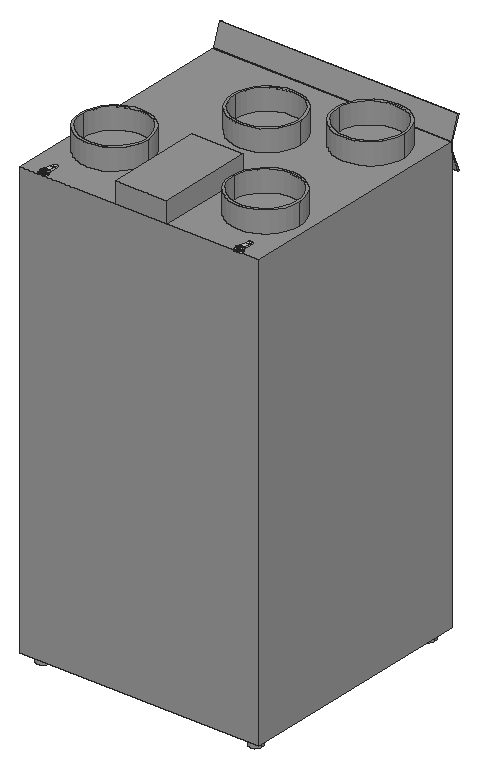
Revit family "KOMFORT EC SB L R", category Оборудование, Revit 2021
Family settings
  Размер круглого соединителя = Использовать диаметр
  Классификация = Нет
  Тип детали = Нормальный
  На основе рабочей плоскости = Нет
  Всегда вертикально = Да
  При загрузке вырезать с полостями = Нет
  Общий = Нет
  Точка принадлежности помещению = Нет
Parameters (values of type "KOMFORT EC SBE 250 L S21")
  Width = B  # 568 mm
  Weight = 66.00 kg  # constant formula
  Temperature of moving air = "-25...+40°С"  # constant formula
  Sound pressure level at 3 m distance = "35 dBA"  # constant formula
  Length = L  # 560 mm
  Height = H + 50 mm  # 1094 mm
  Filter = "G4"  # constant formula
  Diameter = D  # 160 mm
  Отметка по умолчанию = 0 mm
  Изготовитель = "Blauberg"  # constant formula
  l1 = 390 mm
  h1 = H + 50 mm  # 1094 mm
  b1 = 212 mm
  Voltage = if(Number of Fase = 3, 400 V, 230 V)  # 230 V
  URL = "https://blaubergventilatoren.de/en/series/komfort-ec-sb-e"
  Pressure_Static_Air [instance] = 0.0 m³/h
  Power = 1580 W
  Number of Fase = 1  # constant formula
  Maximum Air Flow = 390.0 m³/h  # constant formula
  Maintenance zone material = none
  Load Classification = "HVAC"
  L = 560 mm
  H = 1044 mm  # constant formula
  Frequency = 50 Hz  # constant formula
  Dy = D - 10 mm  # 150 mm
  D = 160 mm
  Casing Material = Metal, painted, white, matt
  B8 = 459 mm
  B7 = 101 mm
  B6 = 421 mm
  B5 = 450 mm
  B4 = 270 mm
  B3 = 96 mm
  B2 = 181 mm
  B1 = 411 mm
  B = 568 mm  # constant formula
  Apparent Load = Voltage * Amperage  # 1715.8 VA
  Amperage = 7.46 A
  Air Flow [instance] = 0.0 m³/h
  09_System_Name [instance] = ""
  00_20_Type = "KOMFORT EC SBE 250 L S21"
  00_20_Name = "Air handling unit"  # constant formula
  00_20_Manufacturer = "Blauberg"  # constant formula
Types (9, lengths in mm): name | Power | B8 | B5 | B4 | B3 | B1 | Apparent Load | Amperage | 00_20_Type
  (no name) | 1580 W | 459 | 450 | 270 | 96 | 411 | 1715.8 VA | 7.46 A | "KOMFORT EC SBE 250 L S21"
  KOMFORT EC SB 250 R S21 | 180 W | 101 | 110 | 290 | 464 | 308 | 315.1 VA | 1.37 A | "KOMFORT EC SB 250 R S21"
  KOMFORT EC SB 250 L S21 | 180 W | 459 | 450 | 270 | 96 | 411 | 315.1 VA | 1.37 A | "KOMFORT EC SB 250 L S21"
  KOMFORT EC SBE 250 L S21 | 1580 W | 459 | 450 | 270 | 96 | 411 | 1715.8 VA | 7.46 A | "KOMFORT EC SBE 250 L S21"
  KOMFORT EC SBE 250 R S21 | 1580 W | 101 | 110 | 290 | 464 | 308 | 1715.8 VA | 7.46 A | "KOMFORT EC SBE 250 R S21"
  KOMFORT EC SB 250-E L S21 | 180 W | 459 | 450 | 270 | 96 | 411 | 315.1 VA | 1.37 A | "KOMFORT EC SB 250-E L S21"
  KOMFORT EC SB 250-E R S21 | 180 W | 101 | 110 | 290 | 464 | 308 | 315.1 VA | 1.37 A | "KOMFORT EC SB 250-E R S21"
  KOMFORT EC SBE 250-E L S21 | 1580 W | 459 | 450 | 270 | 96 | 411 | 1715.8 VA | 7.46 A | "KOMFORT EC SBE 250-E L S21"
  KOMFORT EC SBE 250-E R S21 | 1580 W | 101 | 110 | 290 | 464 | 308 | 1715.8 VA | 7.46 A | "KOMFORT EC SBE 250-E R S21"
Reference planes
  plane 1 "По центру (Вперед/Назад)": y = 0
  plane 2: z = 0
  plane 3 "По центру (Влево/Вправо)": x = 0
  plane 4: y = 284
  plane 5: y = -284
  plane 6: x = -280
  plane 7: x = 280
  plane 8: z = 1044
Forms (mm)
  Extrusion 1, solid, material "Металл, окрашенный, белый, матовый"
    sketch origin (0, 0, 0) x (1, 0, 0) y (0, 1, 0)
      loop
        line (-280, 284) -> (-280, -284) -> (280, -284) -> (280, 284) -> (-280, 284)
    from 20 to 1044
  Extrusion 2, solid, material "Металл, окрашенный, белый, матовый"
    sketch origin (0, 0, 0) x (1, 0, 0) y (0, 1, 0)
      loop
        circle (-250, 254) r 15
      loop
        circle (250, 254) r 15
      loop
        circle (-250, -254) r 15
      loop
        circle (250, -254) r 15
    from 0 to 20
  Extrusion 3, solid, material "Сталь, гальванизированная"
    sketch origin (0, 0, 0) x (1, 0, 0) y (0, 1, 0)
      loop
        circle (-10, 103) r 75
      loop
        circle (-10, 103) r 80
    from 1044 <- "H" to 1094 <- "h1"
  Extrusion 4, solid, material "Металл, окрашенный, белый, матовый"
    sketch origin (0, 0, 0) x (1, 0, 0) y (0, 1, 0)
      loop
        circle (0, 0) r 9
    from 0 to 20
  Extrusion 5, solid, material "Металл, окрашенный, белый, матовый"
    sketch origin (0, 0, 0) x (0, -1, 0) y (0, 0, -1)
      loop
        line (-284, -1044) -> (-284, -1023.651) -> (-302, -973.651) -> (-304.126, -973.651) -> (-286, -1024) -> (-286, -1043.651) -> (-304.126, -1094) -> (-302, -1094) -> (-284, -1044)
    from -280 to 280
  Extrusion 6, solid, material "Сталь, гальванизированная"
    sketch origin (0, 0, 0) x (1, 0, 0) y (0, 1, 0)
      loop
        circle (170, 183) r 80
      loop
        circle (170, 183) r 75
    from 1044 <- "H" to 1094 <- "h1"
  Extrusion 7, solid, material "Сталь, гальванизированная"
    sketch origin (0, 0, 0) x (1, 0, 0) y (0, 1, 0)
      loop
        circle (-184, -127) r 80
      loop
        circle (-184, -127) r 75
    from 1044 <- "H" to 1094 <- "h1"
  Extrusion 8, solid, material "Сталь, гальванизированная"
    sketch origin (0, 0, 0) x (1, 0, 0) y (0, 1, 0)
      loop
        circle (179, -137) r 80
      loop
        circle (179, -137) r 75
    from 1044 <- "H" to 1094 <- "h1"
  Extrusion 9, solid, material "Металл, окрашенный, белый, матовый"
    sketch origin (0, 0, 0) x (1, 0, 0) y (0, 1, 0)
      loop
        line (-54.559, -284) -> (65.441, -284) -> (65.441, -60) -> (-54.559, -60) -> (-54.559, -284)
    from 1044 <- "H" to 1094 <- "h1"
Dimensions and locks
  equal spacing: plane 6, plane 3 "По центру (Влево/Вправо)", plane 7
  "L": plane 6 to plane 7
  equal spacing: plane 4, plane 1 "По центру (Вперед/Назад)", plane 5
  "B": plane 4 to plane 5
  "H": plane 8 to level
  locked: plane 6 to Extrusion 2 sketch curve at 30  (x2)
  locked: plane 4 to Extrusion 2 sketch curve at 30  (x2)
  locked: Extrusion 2 sketch curve to plane 5 at 30  (x2)
  locked: Extrusion 2 sketch curve to plane 7 at 30  (x2)
  locked: nested 1 to plane 7 at 50
  locked: plane 6 to nested 2 at 50
  "B4": plane 6 to Extrusion 3 sketch curve
  "B2": plane 4 to Extrusion 3 sketch curve
  "B7": plane 4 to Extrusion 6 sketch curve
  "B5": plane 6 to Extrusion 6 sketch curve
  "B3": plane 6 to Extrusion 7 sketch curve
  "B1": plane 4 to Extrusion 7 sketch curve
  "B8": plane 6 to Extrusion 8 sketch curve
  "B6": plane 4 to Extrusion 8 sketch curve
  "Dy": diameter of Extrusion 3 sketch curve
  "D": diameter of Extrusion 3 sketch curve
  "D": diameter of Extrusion 6 sketch curve
  "Dy": diameter of Extrusion 6 sketch curve
  "Dy": diameter of Extrusion 7 sketch curve
  "D": diameter of Extrusion 7 sketch curve
  "Dy": diameter of Extrusion 8 sketch curve
  "D": diameter of Extrusion 8 sketch curve
  aligned and locked: level to plane 2
  aligned and locked: Extrusion 1 sketch curve to plane 4
  aligned and locked: Extrusion 1 sketch curve to plane 6
  aligned and locked: plane 5 to Extrusion 1 sketch curve
  aligned and locked: plane 7 to Extrusion 1 sketch curve
  aligned and locked: plane 8 to Extrusion 1
  aligned and locked: nested 1 to plane 5
  aligned and locked: plane 5 to nested 2
  aligned and locked: plane 6 to Extrusion 5
  aligned and locked: Extrusion 5 to plane 7
  aligned and locked: nested 5 to Extrusion 9
Automatic sketch dimensions
  plane 1 "По центру (Вперед/Назад)" to Extrusion 4 sketch curve = 0 mm
  Extrusion 4 sketch curve to plane 3 "По центру (Влево/Вправо)" = 0 mm
  Extrusion 5 sketch curve to plane 4 = 0 mm
  Extrusion 5 sketch curve to plane 8 = 0 mm
  Extrusion 5 sketch curve to plane 8 = 0.349 mm
  plane 4 to Extrusion 5 sketch curve = 2 mm
  plane 4 to Extrusion 5 sketch curve = 18 mm  (x2)
  Extrusion 5 sketch curve to Extrusion 5 sketch curve = 2.126 mm  (x2)
  plane 8 to Extrusion 5 sketch curve = 50 mm
  Extrusion 5 sketch curve to Extrusion 5 sketch curve = 19.651 mm
  Extrusion 5 sketch curve to Extrusion 5 sketch curve = 0.349 mm
  Extrusion 5 sketch curve to Extrusion 5 sketch curve = 50.349 mm
  Extrusion 9 sketch curve to plane 5 = 0 mm
  Extrusion 9 sketch curve to plane 3 "По центру (Влево/Вправо)" = 54.559 mm
  plane 1 "По центру (Вперед/Назад)" to Extrusion 9 sketch curve = 60 mm
  plane 3 "По центру (Влево/Вправо)" to Extrusion 9 sketch curve = 65.441 mm
  Extrusion 3 sketch curve to Extrusion 3 sketch curve = 0 mm  (x2)
  Extrusion 6 sketch curve to Extrusion 6 sketch curve = 0 mm  (x2)
  Extrusion 7 sketch curve to Extrusion 7 sketch curve = 0 mm  (x2)
  Extrusion 8 sketch curve to Extrusion 8 sketch curve = 0 mm  (x2)
  radius of Extrusion 2 sketch curve = 15 mm  (x4)
  radius of Extrusion 4 sketch curve = 9 mm
Nested families
  nested 1: "Latch" at (230, -279, 1044) x (0, 0, 1) z (-1, 0, 0), built-in parameter 1001360 <- "H", type "Latch"
  nested 2: "Latch" at (-230, -279, 1044) x (0, 0, 1) z (1, 0, 0), built-in parameter 1001360 <- "H", type "Latch"
  nested 3: "Сonnector" at (-54.559, -85, 995) x (0, 0, 1) z (-1, 0, 0), type "30"
  nested 4: "Сonnector" at (-54.559, -240, 995) x (0, 0, 1) z (-1, 0, 0), type "30"
  nested 5: "Сonnector" at (0, -60, 995) x (0, 0, 1) z (0, 1, 0), type "30"
  nested 6: "Сonnector" at (-54.559, -130, 995) x (0, 0, 1) z (-1, 0, 0), type "30"
  nested 7: "Сonnector" at (65.441, -240, 995) x (0, 0, 1) z (1, 0, 0), type "30"
Connectors
  piping at (0, 0, 0), diameter 18
    settings: on Extrusion 4, index 1, connector inside diameter 609.6 mm, connector length 0 mm, flow factor 0, pipe flow 0.0 L/s, pressure drop 0.0 Pa, fitting loss kfactor 0, connector angle 0.00°, fixture units 0, engagement length 0 mm, angle of deflection 0.00°, flow configuration 0, flow direction 2, fitting loss method 0, system type 16, joint type 0, gender type 0, connector reference index -1, connector utility 0, adjustable connector no, is connector primary yes, connector description ""
  hvac at (170, 183, 1094), driven by "D"
    settings: on Extrusion 6, index 2, duct flow 0.0 m³/h, flow factor 0, pres drop 0.0 Pa, loss coef 0, conn angle 0.00°, conn width 304.8 mm, conn height 304.8 mm, conn diameter 160 mm, duct sys type 3, conn prof type 0, flow config 0, flow direction 2, loss method 0, conn ref index -1, conn util no, is conn primary yes, conn desc ""
  hvac at (-10, 103, 1094), driven by "D"
    settings: on Extrusion 3, index 3, duct flow 0.0 m³/h, flow factor 0, pres drop 0.0 Pa, loss coef 0, conn angle 0.00°, conn width 304.8 mm, conn height 304.8 mm, conn diameter 160 mm, duct sys type 3, conn prof type 0, flow config 0, flow direction 1, loss method 0, conn ref index -1, conn util no, is conn primary no, conn desc ""
  hvac at (-184, -127, 1094), driven by "D"
    settings: on Extrusion 7, index 4, duct flow 0.0 m³/h, flow factor 0, pres drop 0.0 Pa, loss coef 0, conn angle 0.00°, conn width 304.8 mm, conn height 304.8 mm, conn diameter 160 mm, duct sys type 1, conn prof type 0, flow config 0, flow direction 2, loss method 0, conn ref index -1, conn util no, is conn primary no, conn desc ""
  hvac at (179, -137, 1094), driven by "D"
    settings: on Extrusion 8, index 5, duct flow 0.0 m³/h, flow factor 0, pres drop 0.0 Pa, loss coef 0, conn angle 0.00°, conn width 304.8 mm, conn height 304.8 mm, conn diameter 160 mm, duct sys type 1, conn prof type 0, flow config 0, flow direction 1, loss method 0, conn ref index -1, conn util no, is conn primary no, conn desc ""
  electrical at (70.441, -240, 995), driven by "Voltage", driven by "Apparent Load"
    settings: on nested 7, index 6, voltage 230 V, apparent load 1715.8 VA, apparent load phase1 0 VA, apparent load phase2 0 VA, apparent load phase3 0 VA, power factor 1, load classification "Мощность", number of poles 1, system type 30, power factor state 1, is connector primary yes, connector utility no, sub classification motor no, connector description ""
Definition of nested family "Latch"
  Parameters (values of type "Защелка")
    Default Elevation = 0 mm
  Reference planes
    plane 1 "По центру (Вперед/Назад)": y = 0
    plane 2: z = 0
    plane 3 "По центру (Влево/Вправо)": x = 0
  Forms (mm)
    Extrusion 1, solid
      sketch origin (0, -5, 0) x (0, 1, 0) y (0, 0, 1)
        loop
          arc (3, 10) -> (0.879, 9.121) -> (0, 7) r 3
          line (0, 7) -> (0, -7)
          arc (0, -7) -> (0.879, -9.121) -> (3, -10) r 3
          line (3, -10) -> (7, -10)
          arc (7, -10) -> (9.121, -9.121) -> (10, -7) r 3
          line (10, -7) -> (10, 7)
          arc (10, 7) -> (9.121, 9.121) -> (7, 10) r 3
          line (7, 10) -> (3, 10)
      from 0 to 2
    Extrusion 2, solid
      sketch origin (0, 0, 0) x (1, 0, 0) y (0, 1, 0)
        loop
          line (2, 0.5) -> (2, -0.5) -> (7, -0.5)
          arc (7, -0.5) -> (7.707, -0.793) -> (8, -1.5) r 1
          arc (8, -1.5) -> (8.58, -2.08) -> (9.161, -1.5) r 0.58
          arc (9.161, -1.5) -> (8.575, -0.086) -> (7.161, 0.5) r 2
          line (7.161, 0.5) -> (2, 0.5)
      from -5 to 5
    Extrusion 3, solid
      sketch origin (0, 0, 0) x (1, 0, 0) y (0, 1, 0)
        loop
          line (0, 6.215) -> (3.363, 6.215)
          arc (3.363, 6.215) -> (5.643, 7.265) -> (6.327, 9.68) r 3
          line (6.327, 9.68) -> (3.08, 26.383)
          arc (3.08, 26.383) -> (1.485, 30.467) -> (2.223, 34.789) r 8.197
          arc (2.223, 34.789) -> (2.162, 35.751) -> (1.318, 36.215) r 1
          line (1.318, 36.215) -> (0, 36.215) -> (0, 6.215)
      from -5 to 5
    Sweep 4, solid
      path origin (2.535, 1.601, 0) x (-0.309017, 0.951057, 0) y (0, 0, 1)
        loop
          arc (-2.944, 6.5) -> (-3.651, 6.207) -> (-3.944, 5.5) r 1
          line (-3.944, 5.5) -> (-3.944, -5.5)
          arc (-3.944, -5.5) -> (-3.651, -6.207) -> (-2.944, -6.5) r 1
          line (-2.944, -6.5) -> (7.056, -6.5)
          arc (7.056, -6.5) -> (7.763, -6.207) -> (8.056, -5.5) r 1
          line (8.056, -5.5) -> (8.056, 5.5)
          arc (8.056, 5.5) -> (7.763, 6.207) -> (7.056, 6.5) r 1
          line (7.056, 6.5) -> (-2.944, 6.5)
      profile origin (1.9, 3.556, 6.5) x (0, 0, 1) y (0.951057, 0.309017, 0)
        loop
          circle (0, 3.594) r 0.5
    Extrusion 5, solid
      sketch origin (0, 0, 0) x (0, 1, 0) y (0, 0, 1)
        loop
          circle (0, 8.305) r 0.8
        loop
          circle (0, -8.305) r 0.8
      from 0 to 2
  Cuts and joins
    joined: Extrusion 1, Extrusion 2
  Dimensions and locks
    aligned and locked: level to plane 2
Definition of nested family "Сonnector"
  Parameters (values of type "30")
    Default Elevation = 0 mm
  Reference planes
    plane 1 "По центру (Вперед/Назад)": y = 0
    plane 2: z = 0
    plane 3 "По центру (Влево/Вправо)": x = 0
  Forms (mm)
    Extrusion 1, solid
      sketch origin (-129.783, 0, -1.583) x (-1, 0, 0) y (0, -1, 0)
        loop
          line (-129.783, -18.872) -> (-113.44, -9.436) -> (-113.44, 9.436) -> (-129.783, 18.872) -> (-146.127, 9.436) -> (-146.127, -9.436) -> (-129.783, -18.872)
      from 1.583 to 6.583
    Extrusion 2, solid
      sketch origin (-129.783, 0, 0) x (-1, 0, 0) y (0, -1, 0)
        loop
          circle (-129.783, 0) r 14
      from 5 to 10
    Extrusion 3, solid
      sketch origin (-129.783, 0, 14.25) x (-1, 0, 0) y (0, -1, 0)
        loop
          line (-129.783, -18.872) -> (-113.44, -9.436) -> (-113.44, 9.436) -> (-129.783, 18.872) -> (-146.127, 9.436) -> (-146.127, -9.436) -> (-129.783, -18.872)
      from -4.25 to 10.75
    Revolve 4, solid
      sketch origin (-129.783, 0, -5.678) x (-1, 0, 0) y (0, 0, -1)
        loop
          line (-115.783, -30.678) -> (-129.783, -30.678) -> (-129.783, -37.239) -> (-118.718, -37.239)
          arc (-118.718, -37.239) -> (-116.643, -36.38) -> (-115.783, -34.305) r 2.935
          line (-115.783, -34.305) -> (-115.783, -30.678)
        axis (-129.783, -37.239) -> (-129.783, -30.678)
      angle from 0 to 360
  Dimensions and locks
    aligned and locked: level to plane 2
    aligned and locked: Extrusion 1 to Extrusion 2
    aligned and locked: Extrusion 1 to level
    aligned and locked: Extrusion 3 to Extrusion 2
